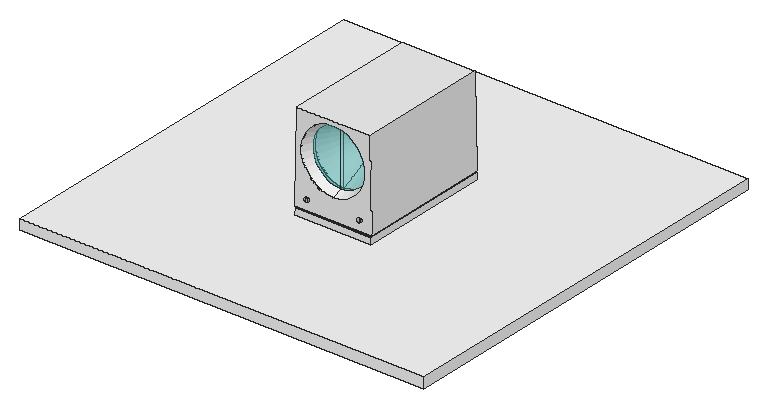
Revit family "BE_33590_de_DE", category Leuchten, Revit 2020
Family settings
  Basisbauteil = Fläche
  Bemaßung runder Anschluss = Durchmesser verwenden
  Teiletyp = Normal
  Beim Laden mit Abzugskörper schneiden = Ja
  Lichtquelle = Ja
  Gemeinsam genutzt = Nein
  Raumberechnungspunkt = Ja
Parameters (values of type "BEGA_33590_Weiß_K4")
  built-in parameter 1150104 = 15.158 (stored number, unit not read)
  Wattage = 3.8 W
  Default Elevation = 0 mm
  built-in parameter 1150113 = 1 (stored number, unit not read)
  built-in parameter 1114218 = 1 (stored number, unit not read)
  Umgebungstemperatur = "25 °C"
  URL = "https://www.bega.com/de/produkt/33590"
  Typenkommentare = "© 2022 BEGA. Wir behalten uns das Recht vor, technische Änderungen ohne vorherige Ankündigung vorzunehmen."  # constant formula
  Type Image = 33590.png
  built-in parameter 1150134 = 12
  built-in parameter 1150109 = 1 (stored number, unit not read)
  Strom = ""
  built-in parameter 1150110 = 1 (stored number, unit not read)
  Spannung = 239.996 V
  Sonderanfertigung = no
  Seriennummer [instance] = "Hier können Sie die eindeutige Seriennummer für das Facility Management eintragen."
  Schutzklasse = "I"
  Schutzart = "IP 64"
  Scheinlast = 0 VA
  Produktdatenblatt = "https://cdn.bega.com/bega/products/33590AK3/current/documents/data-sheets/de"
  Oberflächentemperatur = ""
  Neigungswinkel = 0.00°
  Modell = "33590WK4"
  Material_17 = BEGA_Reflektor
  Material_15 = BEGA_Leuchtmedium_matt
  Material_11 = BEGA_Glas_opal
  Material_09 = BEGA_Glas_klar
  Material_06 = BEGA_Oberfläche_Edelstahl_gebürstet
  Material_03 = BEGA_Oberfläche_Weiss_matt
  Material_02 = BEGA_Oberfläche_Silber_matt
  Material_01 [instance] = BEGA_Oberfläche_Grafit_matt
  M_W = yes
  M_G = no
  M_A = no
  Logo = 0
  built-in parameter 1114217 = 1 (stored number, unit not read)
  built-in parameter 1150139 = (empty or 0)
  built-in parameter 1150105 = 49.339 (stored number, unit not read)
  built-in parameter 1150114 = 1 (stored number, unit not read)
  Lumens = 620.008 lm
  built-in parameter 1150115 = 1 (stored number, unit not read)
  Leuchtenlichtstrom = "308 lm"
  Leuchtenanzahl = ""
  Lebensdauerkriterien = "L70B50 @ 25 °C = 200000 h"
  Lastklassifizierung = Beleuchtung
  built-in parameter 1150112 = 1 (stored number, unit not read)
  Lampenlichtstrom = "620 lm"
  Lampe = "LED 3.8 W"
  LED_Modulbezeichnung = "2x LED-0684/840"
  built-in parameter 1150142 = (empty or 0)
  Hersteller = "BEGA"  # constant formula
  Halbstreuwinkel = ""
  Gewicht = "0.7 kg"
  Gebrauchslageneinschränkung [instance] = ""
  Frequenz = "0/50-60 Hz"
  Farbwiedergabeindex = "CRI > 80"
  Farbtemperaturverschiebung bei Dämpfen der Lampe = <Keine Auswahl>
  Farbtemperatur = "4000 K"
  Color Filter = 16777215
  built-in parameter 1150133 = 10 (stored number, unit not read)
  Energieeffizienzklasse = "LED A++ - A"
  built-in parameter 1150137 = (empty or 0)
  built-in parameter 1150132 = (empty or 0)
  ENEC = "ja"
  Datei für fotometrisches Netz = "BE_33590K4.IES"
  CE_Konformität = "ja"
  Bestellnummer = "33590WK4"
  Beschreibung_Sonderanfertigung = "Hier können Sie Informationen zur Sonderanfertigung eintragen."
  Beschreibung = "Wandleuchte"
  built-in parameter 1150106 = 0.49339 (stored number, unit not read)
  Befestigungsbohrung = "Ø 4,3 mm"
  Befestigungsabstand = "50 mm"
  Ballwurfsicher = ""
  BEGA_Intern_aus = yes
  BEGA_Intern_an = yes
  BEGA_Intern_Konstruktion = yes
  BEGA_Intern = yes
  BEGA_IES = yes
  BEGA_Dummy = no
  Anschlussleitung = ""
  Anschlussleistung [instance] = "4.9 W"
  built-in parameter 1150107 = 4000 (stored number, unit not read)
  built-in parameter 1150102 = (empty or 0)
  built-in parameter 1150138 = (empty or 0)
  Aktualisierung = "2022-05-18T04:00:07"
  Abstand_zur_angestrahlten_Fläche [instance] = ""
  AC/DC = "AC/DC"
Types (6, lengths in mm): name | built-in parameter 1150104 | built-in parameter 1150134 | Modell | M_W | M_G | M_A | built-in parameter 1150105 | Lumens | Leuchtenlichtstrom | Lampenlichtstrom | LED_Modulbezeichnung | Farbtemperatur | Datei für fotometrisches Netz | Bestellnummer | built-in parameter 1150106 | built-in parameter 1150107
  BEGA_33590_Silber_K3 | 14.424 (stored number, unit not read) | (empty or 0) | "33590AK3" | no | no | yes | 46.95 (stored number, unit not read) | 589.988 lm | "293 lm" | "590 lm" | "2x LED-0684/830" | "3000 K" | "BE_33590K3.IES" | "33590AK3" | 0.4695 (stored number, unit not read) | 3000 (stored number, unit not read)
  BEGA_33590_Weiß_K4 | 15.158 (stored number, unit not read) | 12 | "33590WK4" | yes | no | no | 49.339 (stored number, unit not read) | 620.008 lm | "308 lm" | "620 lm" | "2x LED-0684/840" | "4000 K" | "BE_33590K4.IES" | "33590WK4" | 0.49339 (stored number, unit not read) | 4000 (stored number, unit not read)
  BEGA_33590_Grafit_K4 | 15.158 (stored number, unit not read) | 12 | "33590K4" | no | yes | no | 49.339 (stored number, unit not read) | 620.008 lm | "308 lm" | "620 lm" | "2x LED-0684/840" | "4000 K" | "BE_33590K4.IES" | "33590K4" | 0.49339 (stored number, unit not read) | 4000 (stored number, unit not read)
  BEGA_33590_Grafit_K3 | 14.424 (stored number, unit not read) | (empty or 0) | "33590K3" | no | yes | no | 46.95 (stored number, unit not read) | 589.988 lm | "293 lm" | "590 lm" | "2x LED-0684/830" | "3000 K" | "BE_33590K3.IES" | "33590K3" | 0.4695 (stored number, unit not read) | 3000 (stored number, unit not read)
  BEGA_33590_Weiß_K3 | 14.424 (stored number, unit not read) | (empty or 0) | "33590WK3" | yes | no | no | 46.95 (stored number, unit not read) | 589.988 lm | "293 lm" | "590 lm" | "2x LED-0684/830" | "3000 K" | "BE_33590K3.IES" | "33590WK3" | 0.4695 (stored number, unit not read) | 3000 (stored number, unit not read)
  BEGA_33590_Silber_K4 | 15.158 (stored number, unit not read) | 12 | "33590AK4" | no | no | yes | 49.339 (stored number, unit not read) | 620.008 lm | "308 lm" | "620 lm" | "2x LED-0684/840" | "4000 K" | "BE_33590K4.IES" | "33590AK4" | 0.49339 (stored number, unit not read) | 4000 (stored number, unit not read)
Reference planes
  plane 1 "Mitte (Vorne/Hinten)": y = 0
  plane 2: z = 0
  plane 3 "Mitte (Links/Rechts)": x = 0
  plane 4 "Links": x = -37.662
  plane 5 "Rechts": x = 37.662
  plane 6 "Unten": y = -62.662
  plane 7 "Oben": y = 67.662
  plane 8 "Vorne": z = 96
  plane 9 "Hinten": z = 0
Forms (mm)
  Extrusion 1, solid, material "BEGA_Platte_Weiss"
    sketch origin (0, -1119.2, 0) x (1, 0, 0) y (0, 1, 0)
      loop
        line (-200, 1319.2) -> (-200, 919.2) -> (200, 919.2) -> (200, 1319.2) -> (-200, 1319.2)
    from 0 to -10
  Extrusion 2, solid, material "BEGA_Dummy_matt", visible <- "BEGA_Dummy"
    sketch origin (80.095, -76.023, 0) x (1, 0, 0) y (0, 1, 0)
      loop
        line (-117.758, 143.685) -> (-117.758, 13.361) -> (-42.433, 13.361) -> (-42.433, 143.685) -> (-117.758, 143.685)
    from 0 to 96
Dimensions and locks
  plane 1 "Mitte (Vorne/Hinten)" to Extrusion 1 = 200 mm
  aligned and locked: plane 2 to Extrusion 1
  aligned and locked: level to Extrusion 1
Nested families
  nested 1: "BE_33590" at (0, 0, 0) x (0, -1, 0) z (0, 0, 1), type "BE_33590"
Connectors
  electrical at (0, 0, 0), driven by "Lastklassifizierung", driven by "Spannung", driven by "Scheinlast"
    settings: index 1, voltage 239.996 V, apparent load 0 VA, apparent load phase1 0 VA, apparent load phase2 0 VA, apparent load phase3 0 VA, power factor 1, load classification "Beleuchtung", number of poles 1, system type 31, power factor state 1, is connector primary yes, connector utility no, sub classification motor no, connector description ""
Definition of nested family "BE_33590"
  Parameters (values of type "BE_33590")
    Default Elevation = 1 mm
    URL = "http://www.bega.de/de/produkt"
    Type Comments = "© 2015 BEGA. Wir behalten uns das Recht vor, technische Änderungen ohne vorherige Ankündigung vorzunehmen. "  # constant formula
    Type Image = (empty or 0)
    Material_17 = none
    Material_15 = none
    Material_11 = none
    Material_09 = none
    Material_06 = none
    Material_03 = none
    Material_02 = none
    Material_01 = none
    M_W = yes
    M_G = yes
    M_A = yes
    Länge_Platte = 200 mm  # constant formula
    Höhe_Platte = -10 mm  # constant formula
    Manufacturer = "BEGA"  # constant formula
    Breite_Platte = 200 mm  # constant formula
  Reference planes
    plane 1 "Mitte (Oben/Unten)": y = 0
    plane 2: z = 0
    plane 3 "Mitte (Links/Rechts)": x = 0
    plane 4 "Vorne": z = 96
    plane 5 "Links": x = -67.662
    plane 6 "Oben": y = 37.662
    plane 7 "Unten": y = -37.662
    plane 8: x = 62.662
  Forms (mm)
    Extrusion 1, solid, detail levels medium
      sketch origin (0, 0, 0) x (1, 0, 0) y (0, 1, 0)
        loop
          line (-100, 100) -> (-100, -100) -> (100, -100) -> (100, 100) -> (-100, 100)
      from 0 to -10 <- "Höhe_Platte"
    Extrusion 2, solid, material <- "Material_01", visible <- "M_G", detail levels medium+fine
      sketch origin (0, 0, 0) x (1, 0, 0) y (0, 0, 1)
        loop
          line (-67.5, 96) -> (-67.5, 8) -> (-59.266, 8) -> (-59.266, 93.7) -> (53.573, 93.7) -> (53.573, 8) -> (62.5, 8) -> (62.5, 96) -> (-67.5, 96)
      from -37.662 to 37.662
    Extrusion 3, solid, material <- "Material_01", visible <- "M_G", detail levels medium+fine
      sketch origin (0, 0, 0) x (0, 1, 0) y (0, 0, 1)
        loop
          line (-37.662, 96) -> (-37.662, 8) -> (-34.581, 8) -> (-34.581, 96) -> (-37.662, 96)
        loop
          line (37.662, 96) -> (34.581, 96) -> (34.581, 8) -> (37.662, 8) -> (37.662, 96)
      from -67.5 to 62.5
    Sweep 4, solid, material <- "Material_01", visible <- "M_G", detail levels medium+fine
      path origin (0, 0, 0) x (1, 0, 0) y (0, 1, 0)
        loop
          line (-67.662, 37.662) -> (-67.662, -37.662) -> (62.662, -37.662) -> (62.662, 37.662) -> (-67.662, 37.662)
      profile origin (-67.662, 0, 0) x (1, 0, 0) y (0, 0, 1)
        loop
          line (0, 0) -> (6.648, 0) -> (6.962, 9) -> (30.453, 9) -> (30.453, 11.3) -> (4.31, 11.3) -> (1.01, 8) -> (1.01, 6.2) -> (0.162, 6.2) -> (0, 0)
    Extrusion 5, solid, material <- "Material_01", visible <- "M_G", detail levels medium+fine
      sketch origin (0, 0, 0) x (1, 0, 0) y (0, 1, 0)
        loop
          line (32.209, -7.209) -> (32.209, 7.209) -> (-37.209, 7.209) -> (-37.209, -7.209) -> (32.209, -7.209)
      from 9 to 11.3
    Revolve 6, void
      sketch origin (0, 0, 0) x (1, 0, 0) y (0, 0, 1)
        loop
          line (53.376, 87.9) -> (53.376, 60.141) -> (63.376, 60.141) -> (63.376, 92.352) -> (53.376, 87.9)
        axis (53.376, 60.141) -> (63.376, 60.141)
      angle from 0 to 360
    Revolve 7, void
      sketch origin (0, 0, 0) x (1, 0, 0) y (0, 0, 1)
        loop
          line (-68.395, 91.9) -> (-68.395, 59.9) -> (-58.719, 59.9) -> (-58.719, 88.393) -> (-63.099, 88.393) -> (-63.099, 91.9) -> (-68.395, 91.9)
        axis (-68.395, 59.9) -> (-58.719, 59.9)
      angle from 0 to 360
    Revolve 8, solid, material <- "Material_06", detail levels fine
      sketch origin (0, -26, 0) x (1, 0, 0) y (0, 0, 1)
        loop
          line (63.4, 19.799) -> (51.161, 19.799) -> (49.161, 17.799) -> (63.4, 17.799) -> (63.4, 19.799)
        axis (49.161, 17.799) -> (63.4, 17.799)
      angle from 0 to 360
    Revolve 9, solid, material <- "Material_06", detail levels fine
      sketch origin (0, 26, 0) x (1, 0, 0) y (0, 0, -1)
        loop
          line (63.4, -19.799) -> (63.4, -17.799) -> (49.161, -17.799) -> (51.161, -19.799) -> (63.4, -19.799)
        axis (49.161, -17.799) -> (63.4, -17.799)
      angle from 0 to 360
    Revolve 10, solid, material <- "Material_17", detail levels medium+fine
      sketch origin (0, 0, 0) x (1, 0, 0) y (0, 0, 1)
        loop
          arc (-59.266, 88.278) -> (-43.405, 81.141) -> (-29.667, 70.475) r 73.453
          line (-29.667, 70.475) -> (-29.289, 65.072) -> (-28.495, 65.072) -> (-28.916, 71.095)
          arc (-28.916, 71.095) -> (-42.623, 81.743) -> (-58.445, 88.877) r 73.453
          line (-58.445, 88.877) -> (-58.445, 93.497) -> (-59.266, 93.497) -> (-59.266, 88.278)
        axis (-59.266, 59.9) -> (-28.495, 59.9)
      angle from 0 to 360
    Revolve 11, solid, material <- "Material_17", detail levels medium+fine
      sketch origin (-9.918, 0, 0) x (-1, 0, 0) y (0, 0, 1)
        loop
          arc (-59.266, 88.278) -> (-43.405, 81.141) -> (-29.667, 70.475) r 73.453
          line (-29.667, 70.475) -> (-29.289, 65.072) -> (-28.495, 65.072) -> (-28.916, 71.095)
          arc (-28.916, 71.095) -> (-42.623, 81.743) -> (-58.445, 88.877) r 73.453
          line (-58.445, 88.877) -> (-58.445, 93.497) -> (-59.266, 93.497) -> (-59.266, 88.278)
        axis (-59.266, 59.9) -> (-28.495, 59.9)
      angle from 0 to 360
    Revolve 12, solid, material <- "Material_09", detail levels medium+fine
      sketch origin (0, 0, 0) x (1, 0, 0) y (0, 0, 1)
        loop
          line (53.284, 93.17) -> (49.348, 93.17) -> (49.348, 60.141) -> (53.284, 60.141) -> (53.284, 93.17)
        axis (49.348, 60.141) -> (53.284, 60.141)
      angle from 0 to 360
    Revolve 13, solid, material <- "Material_09", detail levels medium+fine
      sketch origin (-116.784, 0, -2.27) x (1, 0, 0) y (0, 0, 1)
        loop
          line (53.284, 93.17) -> (49.348, 93.17) -> (49.348, 62.17) -> (53.284, 62.17) -> (53.284, 93.17)
        axis (49.348, 62.17) -> (53.284, 62.17)
      angle from 0 to 360
    Extrusion 14, void
      sketch origin (0, 0, 0) x (0, 1, 0) y (0, 0, 1)
        loop
          line (-31, 79.546) -> (-34.049, 79.546) -> (-34.049, 41) -> (-31, 41) -> (-31, 79.546)
      from 49.348 to 56.488
    Extrusion 15, void
      sketch origin (0, 0, 0) x (0, -1, 0) y (0, 0, -1)
        loop
          line (-31, -79.546) -> (-31, -41) -> (-34.049, -41) -> (-34.049, -79.546) -> (-31, -79.546)
      from 49.348 to 56.488
    Revolve 16, solid, material <- "Material_15", detail levels medium+fine
      sketch origin (0, 0, -0.132) x (1, 0, 0) y (0, 0, 1)
        loop
          line (16, 63.926) -> (15.185, 63.926) -> (15.185, 60.273) -> (16, 60.273) -> (16, 63.926)
        axis (15.185, 60.273) -> (16.185, 60.273)
      angle from 0 to 360
    Revolve 17, solid, material <- "Material_15", detail levels medium+fine
      sketch origin (-41.7, 0, -0.132) x (1, 0, 0) y (0, 0, 1)
        loop
          line (16, 63.926) -> (15.185, 63.926) -> (15.185, 60.273) -> (16, 60.273) -> (16, 63.926)
        axis (15.185, 60.273) -> (16.185, 60.273)
      angle from 0 to 360
    Sweep 18, solid, material <- "Material_02", visible <- "M_A", detail levels medium+fine
      path origin (0, 0, 0) x (1, 0, 0) y (0, 1, 0)
        loop
          line (-67.662, 37.662) -> (-67.662, -37.662) -> (62.662, -37.662) -> (62.662, 37.662) -> (-67.662, 37.662)
      profile origin (-67.662, 0, 0) x (1, 0, 0) y (0, 0, 1)
        loop
          line (0, 0) -> (6.648, 0) -> (6.962, 9) -> (30.453, 9) -> (30.453, 11.3) -> (4.31, 11.3) -> (1.01, 8) -> (1.01, 6.2) -> (0.162, 6.2) -> (0, 0)
    Extrusion 19, solid, material <- "Material_02", visible <- "M_A", detail levels medium+fine
      sketch origin (0, 0, 0) x (1, 0, 0) y (0, 1, 0)
        loop
          line (32.209, -7.209) -> (32.209, 7.209) -> (-37.209, 7.209) -> (-37.209, -7.209) -> (32.209, -7.209)
      from 9 to 11.3
    Sweep 20, solid, material <- "Material_03", visible <- "M_W", detail levels medium+fine
      path origin (0, 0, 0) x (1, 0, 0) y (0, 1, 0)
        loop
          line (-67.662, 37.662) -> (-67.662, -37.662) -> (62.662, -37.662) -> (62.662, 37.662) -> (-67.662, 37.662)
      profile origin (-67.662, 0, 0) x (1, 0, 0) y (0, 0, 1)
        loop
          line (0, 0) -> (6.648, 0) -> (6.962, 9) -> (30.453, 9) -> (30.453, 11.3) -> (4.31, 11.3) -> (1.01, 8) -> (1.01, 6.2) -> (0.162, 6.2) -> (0, 0)
    Extrusion 21, solid, material <- "Material_03", visible <- "M_W", detail levels medium+fine
      sketch origin (0, 0, 0) x (1, 0, 0) y (0, 1, 0)
        loop
          line (32.209, -7.209) -> (32.209, 7.209) -> (-37.209, 7.209) -> (-37.209, -7.209) -> (32.209, -7.209)
      from 9 to 11.3
    Extrusion 22, solid, material <- "Material_02", visible <- "M_A", detail levels medium+fine
      sketch origin (0, 0, 0) x (1, 0, 0) y (0, 0, 1)
        loop
          line (-67.5, 96) -> (-67.5, 8) -> (-59.266, 8) -> (-59.266, 93.7) -> (53.573, 93.7) -> (53.573, 8) -> (62.5, 8) -> (62.5, 96) -> (-67.5, 96)
      from -37.662 to 37.662
    Extrusion 23, solid, material <- "Material_02", visible <- "M_A", detail levels medium+fine
      sketch origin (0, 0, 0) x (0, 1, 0) y (0, 0, 1)
        loop
          line (-37.662, 96) -> (-37.662, 8) -> (-34.581, 8) -> (-34.581, 96) -> (-37.662, 96)
        loop
          line (37.662, 96) -> (34.581, 96) -> (34.581, 8) -> (37.662, 8) -> (37.662, 96)
      from -67.5 to 62.5
    Extrusion 24, solid, material <- "Material_03", visible <- "M_W", detail levels medium+fine
      sketch origin (0, 0, 0) x (1, 0, 0) y (0, 0, 1)
        loop
          line (-67.5, 96) -> (-67.5, 8) -> (-59.266, 8) -> (-59.266, 93.7) -> (53.573, 93.7) -> (53.573, 8) -> (62.5, 8) -> (62.5, 96) -> (-67.5, 96)
      from -37.662 to 37.662
    Extrusion 25, solid, material <- "Material_03", visible <- "M_W", detail levels medium+fine
      sketch origin (0, 0, 0) x (0, 1, 0) y (0, 0, 1)
        loop
          line (-37.662, 96) -> (-37.662, 8) -> (-34.581, 8) -> (-34.581, 96) -> (-37.662, 96)
        loop
          line (37.662, 96) -> (34.581, 96) -> (34.581, 8) -> (37.662, 8) -> (37.662, 96)
      from -67.5 to 62.5
    Extrusion 26, void
      sketch origin (0, 0, 0) x (1, 0, 0) y (0, 1, 0)
        loop
          circle (0, 25) r 2.156
        loop
          circle (0, -25) r 2.156
        loop
          circle (-47, 18.5) r 8.5
        loop
          circle (-47, -18.5) r 8.5
      from 0 to 12.405
    Extrusion 27, void
      sketch origin (0, 0, 0) x (0, 1, 0) y (0, 0, 1)
        loop
          line (-37.662, 8) -> (-36.071, 99.148) -> (-37.662, 99.148) -> (-37.662, 8)
      from -69.5 to 65.4
    Extrusion 28, void
      sketch origin (0, 0, 0) x (0, -1, 0) y (0, 0, -1)
        loop
          line (-37.662, -8) -> (-37.662, -99.148) -> (-36.071, -99.148) -> (-37.662, -8)
      from -69.5 to 65.4
  Cuts and joins
    Revolve 6, Revolve 7, Extrusion 14, Extrusion 15, Extrusion 26, Extrusion 27, Extrusion 28 cuts Extrusion 2
    Revolve 6, Revolve 7, Extrusion 14, Extrusion 15, Extrusion 26, Extrusion 27, Extrusion 28 cuts Extrusion 3
    joined: Extrusion 2, Extrusion 3
    Extrusion 26 cuts Sweep 4
    Extrusion 26 cuts Extrusion 5
    joined: Sweep 4, Extrusion 5
    Extrusion 14, Extrusion 15 cuts Revolve 11
    Extrusion 14, Extrusion 15 cuts Revolve 12
    Extrusion 26 cuts Sweep 18
    Extrusion 26 cuts Extrusion 19
    joined: Sweep 18, Extrusion 19
    Extrusion 26 cuts Sweep 20
    Extrusion 26 cuts Extrusion 21
    joined: Sweep 20, Extrusion 21
    Revolve 6, Revolve 7, Extrusion 26, Extrusion 27, Extrusion 28 cuts Extrusion 22
    Extrusion 26, Extrusion 27, Extrusion 28 cuts Extrusion 23
    joined: Extrusion 22, Extrusion 23
    Revolve 6, Revolve 7, Extrusion 26, Extrusion 27, Extrusion 28 cuts Extrusion 24
    Extrusion 26, Extrusion 27, Extrusion 28 cuts Extrusion 25
    joined: Extrusion 24, Extrusion 25
    Extrusion 26 cuts Revolve 10
  Dimensions and locks
    equal spacing: Extrusion 1 sketch curve, plane 3 "Mitte (Links/Rechts)", Extrusion 1 sketch curve
    equal spacing: Extrusion 1 sketch curve, plane 1 "Mitte (Oben/Unten)", Extrusion 1 sketch curve
    "Länge_Platte": Extrusion 1 sketch curve to Extrusion 1 sketch curve
    "Breite_Platte": Extrusion 1 sketch curve to Extrusion 1 sketch curve
    aligned and locked: Extrusion 1 to plane 2
    aligned and locked: level to Extrusion 1
  Automatic sketch dimensions
    plane 5 "Links" to Extrusion 2 sketch curve = 0.162 mm
    plane 5 "Links" to Extrusion 2 sketch curve = 8.396 mm
    level to Extrusion 2 sketch curve = 8 mm  (x2)
    Extrusion 2 sketch curve to Extrusion 2 sketch curve = 85.7 mm
    Extrusion 2 sketch curve to Extrusion 2 sketch curve = 2.3 mm
    plane 1 "Mitte (Oben/Unten)" to Extrusion 3 sketch curve = 37.662 mm
    Extrusion 3 sketch curve to Extrusion 3 sketch curve = 3.081 mm  (x2)
    Extrusion 3 sketch curve to plane 1 "Mitte (Oben/Unten)" = 34.581 mm
    level to Extrusion 3 sketch curve = 8 mm  (x2)
    Extrusion 3 sketch curve to Extrusion 3 sketch curve = 88 mm
    Extrusion 3 sketch curve to Extrusion 3 sketch curve = 0 mm
    Sweep 4 sketch curve to plane 5 "Links" = 0 mm
    plane 1 "Mitte (Oben/Unten)" to Sweep 4 sketch curve = 37.662 mm
    Sweep 4 sketch curve to plane 1 "Mitte (Oben/Unten)" = 37.662 mm
    Sweep 4 sketch curve to level = 0 mm
    profile plane to Sweep 4 sketch curve = 0 mm
    Sweep 4 sketch curve to profile plane = 0.162 mm
    Sweep 4 sketch curve to Sweep 4 sketch curve = 0.848 mm
    Sweep 4 sketch curve to profile plane = 4.31 mm
    Sweep 4 sketch curve to profile plane = 6.648 mm
    Sweep 4 sketch curve to Sweep 4 sketch curve = 2.652 mm
    level to Sweep 4 sketch curve = 9 mm
    Sweep 4 sketch curve to Sweep 4 sketch curve = 23.491 mm
    level to Sweep 4 sketch curve = 6.2 mm
    Sweep 4 sketch curve to Sweep 4 sketch curve = 1.8 mm
    Sweep 4 sketch curve to Sweep 4 sketch curve = 2.3 mm
    plane 1 "Mitte (Oben/Unten)" to Extrusion 5 sketch curve = 7.209 mm
    plane 5 "Links" to Extrusion 5 sketch curve = 30.453 mm
    Extrusion 5 sketch curve to plane 1 "Mitte (Oben/Unten)" = 7.209 mm
    plane 3 "Mitte (Links/Rechts)" to Extrusion 5 sketch curve = 32.209 mm
    level to Revolve 6 sketch curve = 60.141 mm
    Revolve 6 sketch curve to Revolve 6 sketch curve = 27.759 mm
    Revolve 6 sketch curve to Revolve 6 sketch curve = 4.452 mm
    Revolve 6 sketch curve to Revolve 6 sketch curve = 0 mm  (x3)
    Revolve 7 sketch curve to plane 5 "Links" = 0.733 mm
    plane 5 "Links" to Revolve 7 sketch curve = 4.563 mm
    plane 5 "Links" to Revolve 7 sketch curve = 8.943 mm
    level to Revolve 7 sketch curve = 59.9 mm
    Revolve 7 sketch curve to Revolve 7 sketch curve = 28.493 mm
    Revolve 7 sketch curve to Revolve 7 sketch curve = 3.507 mm
    Revolve 7 sketch curve to Revolve 7 sketch curve = 0 mm  (x3)
    Revolve 8 sketch curve to Revolve 8 sketch curve = 2 mm  (x2)
    level to Revolve 8 sketch curve = 17.799 mm
    Revolve 8 sketch curve to Revolve 8 sketch curve = 0 mm  (x3)
    Revolve 9 sketch curve to Revolve 9 sketch curve = 2 mm  (x2)
    level to Revolve 9 sketch curve = 19.799 mm
    Revolve 9 sketch curve to Revolve 9 sketch curve = 0 mm  (x3)
    Revolve 10 sketch curve to plane 5 "Links" = 13.603 mm
    Revolve 10 sketch curve to Revolve 10 sketch curve = 0.751 mm  (x2)
    plane 5 "Links" to Revolve 10 sketch curve = 8.396 mm
    Revolve 10 sketch curve to Revolve 10 sketch curve = 0.821 mm
    Revolve 10 sketch curve to plane 3 "Mitte (Links/Rechts)" = 29.667 mm
    Revolve 10 sketch curve to Revolve 10 sketch curve = 0.378 mm
    Revolve 10 sketch curve to Revolve 10 sketch curve = 0.794 mm
    level to Revolve 10 sketch curve = 18.197 mm
    Revolve 10 sketch curve to Revolve 10 sketch curve = 0.62 mm  (x2)
    level to Revolve 10 sketch curve = 65.072 mm
    Revolve 10 sketch curve to Revolve 10 sketch curve = 5.402 mm
    Revolve 10 sketch curve to Revolve 10 sketch curve = 4.621 mm
    plane 5 "Links" to Revolve 10 sketch curve = 0.162 mm
    Revolve 10 sketch curve to Revolve 10 sketch curve = 0.995 mm
    Revolve 10 sketch curve to Revolve 10 sketch curve = 28.378 mm
    Revolve 11 sketch curve to Revolve 11 sketch curve = 0.751 mm  (x2)
    Revolve 11 sketch curve to Revolve 11 sketch curve = 0.821 mm
    Revolve 11 sketch curve to plane 3 "Mitte (Links/Rechts)" = 19.749 mm
    Revolve 11 sketch curve to Revolve 11 sketch curve = 0.378 mm
    Revolve 11 sketch curve to Revolve 11 sketch curve = 0.794 mm
    Revolve 11 sketch curve to level = 18.197 mm
    Revolve 11 sketch curve to Revolve 11 sketch curve = 0.62 mm  (x2)
    Revolve 11 sketch curve to level = 65.072 mm
    Revolve 11 sketch curve to Revolve 11 sketch curve = 5.402 mm
    Revolve 11 sketch curve to Revolve 11 sketch curve = 4.621 mm
    Revolve 11 sketch curve to Revolve 11 sketch curve = 0.995 mm
    Revolve 11 sketch curve to Revolve 11 sketch curve = 28.378 mm
    Revolve 12 sketch curve to Revolve 12 sketch curve = 3.936 mm
    level to Revolve 12 sketch curve = 60.141 mm
    Revolve 12 sketch curve to Revolve 12 sketch curve = 33.029 mm
    Revolve 12 sketch curve to Revolve 12 sketch curve = 0 mm  (x3)
    plane 5 "Links" to Revolve 13 sketch curve = 0.227 mm
    Revolve 13 sketch curve to Revolve 13 sketch curve = 3.936 mm
    level to Revolve 13 sketch curve = 59.9 mm
    Revolve 13 sketch curve to Revolve 13 sketch curve = 31 mm
    Revolve 13 sketch curve to Revolve 13 sketch curve = 0 mm  (x3)
    plane 1 "Mitte (Oben/Unten)" to Extrusion 14 sketch curve = 34.049 mm
    Extrusion 14 sketch curve to Extrusion 14 sketch curve = 3.049 mm
    level to Extrusion 14 sketch curve = 41 mm
    Extrusion 14 sketch curve to Extrusion 14 sketch curve = 38.546 mm
    plane 1 "Mitte (Oben/Unten)" to Extrusion 15 sketch curve = 34.049 mm
    Extrusion 15 sketch curve to Extrusion 15 sketch curve = 3.049 mm
    Extrusion 15 sketch curve to level = 41 mm
    Extrusion 15 sketch curve to Extrusion 15 sketch curve = 38.546 mm
    plane 3 "Mitte (Links/Rechts)" to Revolve 16 sketch curve = 15.185 mm
    Revolve 16 sketch curve to Revolve 16 sketch curve = 0.815 mm
    level to Revolve 16 sketch curve = 60.141 mm
    Revolve 16 sketch curve to Revolve 16 sketch curve = 3.653 mm
    Revolve 16 sketch curve to Revolve 16 sketch curve = 0 mm  (x3)
    Revolve 17 sketch curve to plane 3 "Mitte (Links/Rechts)" = 26.515 mm
    Revolve 17 sketch curve to Revolve 17 sketch curve = 0.815 mm
    level to Revolve 17 sketch curve = 60.141 mm
    Revolve 17 sketch curve to Revolve 17 sketch curve = 3.653 mm
    Revolve 17 sketch curve to Revolve 17 sketch curve = 0 mm  (x3)
    Sweep 18 sketch curve to plane 5 "Links" = 0 mm
    plane 1 "Mitte (Oben/Unten)" to Sweep 18 sketch curve = 37.662 mm
    Sweep 18 sketch curve to plane 1 "Mitte (Oben/Unten)" = 37.662 mm
    Sweep 18 sketch curve to level = 0 mm
    profile plane to Sweep 18 sketch curve = 0 mm
    Sweep 18 sketch curve to profile plane = 0.162 mm
    Sweep 18 sketch curve to Sweep 18 sketch curve = 0.848 mm
    Sweep 18 sketch curve to profile plane = 4.31 mm
    Sweep 18 sketch curve to profile plane = 6.648 mm
    Sweep 18 sketch curve to Sweep 18 sketch curve = 2.652 mm
    level to Sweep 18 sketch curve = 9 mm
    Sweep 18 sketch curve to Sweep 18 sketch curve = 23.491 mm
    level to Sweep 18 sketch curve = 6.2 mm
    Sweep 18 sketch curve to Sweep 18 sketch curve = 1.8 mm
    Sweep 18 sketch curve to Sweep 18 sketch curve = 2.3 mm
    plane 1 "Mitte (Oben/Unten)" to Extrusion 19 sketch curve = 7.209 mm
    plane 5 "Links" to Extrusion 19 sketch curve = 30.453 mm
    Extrusion 19 sketch curve to plane 1 "Mitte (Oben/Unten)" = 7.209 mm
    plane 3 "Mitte (Links/Rechts)" to Extrusion 19 sketch curve = 32.209 mm
    Sweep 20 sketch curve to plane 5 "Links" = 0 mm
    plane 1 "Mitte (Oben/Unten)" to Sweep 20 sketch curve = 37.662 mm
    Sweep 20 sketch curve to plane 1 "Mitte (Oben/Unten)" = 37.662 mm
    Sweep 20 sketch curve to level = 0 mm
    profile plane to Sweep 20 sketch curve = 0 mm
    Sweep 20 sketch curve to profile plane = 0.162 mm
    Sweep 20 sketch curve to Sweep 20 sketch curve = 0.848 mm
    Sweep 20 sketch curve to profile plane = 4.31 mm
    Sweep 20 sketch curve to profile plane = 6.648 mm
    Sweep 20 sketch curve to Sweep 20 sketch curve = 2.652 mm
    level to Sweep 20 sketch curve = 9 mm
    Sweep 20 sketch curve to Sweep 20 sketch curve = 23.491 mm
    level to Sweep 20 sketch curve = 6.2 mm
    Sweep 20 sketch curve to Sweep 20 sketch curve = 1.8 mm
    Sweep 20 sketch curve to Sweep 20 sketch curve = 2.3 mm
    plane 1 "Mitte (Oben/Unten)" to Extrusion 21 sketch curve = 7.209 mm
    plane 5 "Links" to Extrusion 21 sketch curve = 30.453 mm
    Extrusion 21 sketch curve to plane 1 "Mitte (Oben/Unten)" = 7.209 mm
    plane 3 "Mitte (Links/Rechts)" to Extrusion 21 sketch curve = 32.209 mm
    plane 5 "Links" to Extrusion 22 sketch curve = 0.162 mm
    plane 5 "Links" to Extrusion 22 sketch curve = 8.396 mm
    level to Extrusion 22 sketch curve = 8 mm  (x2)
    Extrusion 22 sketch curve to Extrusion 22 sketch curve = 85.7 mm
    Extrusion 22 sketch curve to Extrusion 22 sketch curve = 2.3 mm
    plane 1 "Mitte (Oben/Unten)" to Extrusion 23 sketch curve = 37.662 mm
    Extrusion 23 sketch curve to Extrusion 23 sketch curve = 3.081 mm  (x2)
    Extrusion 23 sketch curve to plane 1 "Mitte (Oben/Unten)" = 34.581 mm
    level to Extrusion 23 sketch curve = 8 mm  (x2)
    Extrusion 23 sketch curve to Extrusion 23 sketch curve = 88 mm
    Extrusion 23 sketch curve to Extrusion 23 sketch curve = 0 mm
    plane 5 "Links" to Extrusion 24 sketch curve = 0.162 mm
    plane 5 "Links" to Extrusion 24 sketch curve = 8.396 mm
    level to Extrusion 24 sketch curve = 8 mm  (x2)
    Extrusion 24 sketch curve to Extrusion 24 sketch curve = 85.7 mm
    Extrusion 24 sketch curve to Extrusion 24 sketch curve = 2.3 mm
    plane 1 "Mitte (Oben/Unten)" to Extrusion 25 sketch curve = 37.662 mm
    Extrusion 25 sketch curve to Extrusion 25 sketch curve = 3.081 mm  (x2)
    Extrusion 25 sketch curve to plane 1 "Mitte (Oben/Unten)" = 34.581 mm
    level to Extrusion 25 sketch curve = 8 mm  (x2)
    Extrusion 25 sketch curve to Extrusion 25 sketch curve = 88 mm
    Extrusion 25 sketch curve to Extrusion 25 sketch curve = 0 mm
    Extrusion 26 sketch curve to plane 3 "Mitte (Links/Rechts)" = 0 mm  (x2)
    plane 5 "Links" to Extrusion 26 sketch curve = 20.662 mm  (x2)
    plane 1 "Mitte (Oben/Unten)" to Extrusion 26 sketch curve = 25 mm
    plane 1 "Mitte (Oben/Unten)" to Extrusion 26 sketch curve = 18.5 mm
    Extrusion 26 sketch curve to plane 1 "Mitte (Oben/Unten)" = 18.5 mm
    Extrusion 26 sketch curve to plane 1 "Mitte (Oben/Unten)" = 25 mm
    plane 1 "Mitte (Oben/Unten)" to Extrusion 27 sketch curve = 37.662 mm
    Extrusion 27 sketch curve to Extrusion 27 sketch curve = 1.591 mm
    level to Extrusion 27 sketch curve = 8 mm
    Extrusion 27 sketch curve to Extrusion 27 sketch curve = 91.148 mm
    plane 1 "Mitte (Oben/Unten)" to Extrusion 28 sketch curve = 37.662 mm
    Extrusion 28 sketch curve to Extrusion 28 sketch curve = 1.591 mm
    Extrusion 28 sketch curve to level = 8 mm
    Extrusion 28 sketch curve to Extrusion 28 sketch curve = 91.148 mm
    plane 3 "Mitte (Links/Rechts)" to Extrusion 2 sketch curve = 53.573 mm
    Extrusion 2 sketch curve to Extrusion 2 sketch curve = 8.927 mm
    plane 3 "Mitte (Links/Rechts)" to Sweep 4 sketch curve = 62.662 mm
    plane 3 "Mitte (Links/Rechts)" to Revolve 6 sketch curve = 53.376 mm
    Revolve 6 sketch curve to Revolve 6 sketch curve = 10 mm
    plane 3 "Mitte (Links/Rechts)" to Revolve 8 sketch curve = 49.161 mm
    Revolve 8 sketch curve to Revolve 8 sketch curve = 12.239 mm
    plane 3 "Mitte (Links/Rechts)" to Revolve 9 sketch curve = 49.161 mm
    Revolve 9 sketch curve to Revolve 9 sketch curve = 12.239 mm
    Revolve 11 sketch curve to Revolve 11 sketch curve = 28.779 mm
    Revolve 11 sketch curve to Revolve 11 sketch curve = 53.015 mm
    Revolve 11 sketch curve to Revolve 11 sketch curve = 8.234 mm
    plane 3 "Mitte (Links/Rechts)" to Revolve 12 sketch curve = 49.348 mm
    plane 3 "Mitte (Links/Rechts)" to Sweep 18 sketch curve = 62.662 mm
    plane 3 "Mitte (Links/Rechts)" to Sweep 20 sketch curve = 62.662 mm
    plane 3 "Mitte (Links/Rechts)" to Extrusion 22 sketch curve = 53.573 mm
    Extrusion 22 sketch curve to Extrusion 22 sketch curve = 8.927 mm
    plane 3 "Mitte (Links/Rechts)" to Extrusion 24 sketch curve = 53.573 mm
    Extrusion 24 sketch curve to Extrusion 24 sketch curve = 8.927 mm
    radius of Extrusion 26 sketch curve = 2.156 mm  (x2)
    radius of Extrusion 26 sketch curve = 8.5 mm  (x2)
